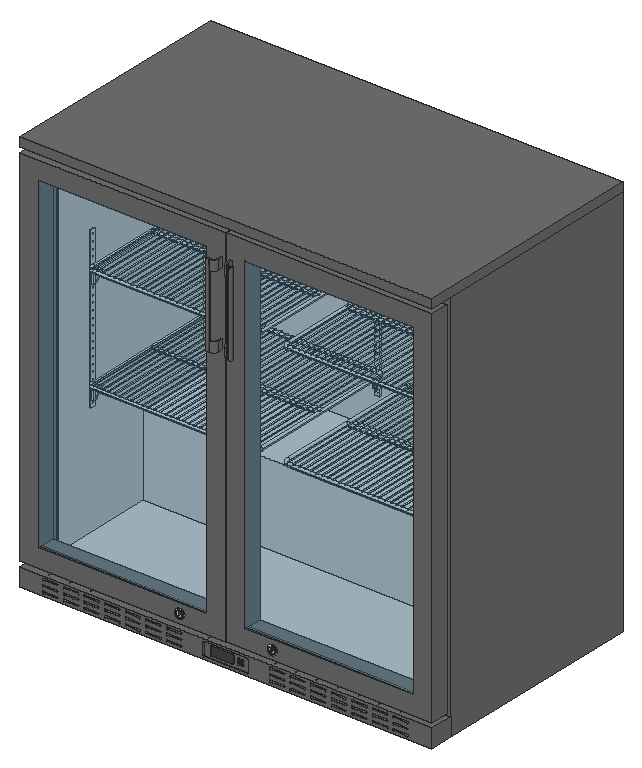
Revit family "QF_KOLDBOX_KBC2_240315011610", category Specialty Equipment, Revit 2021
Family settings
  Round Connector Dimension = Use Diameter
  Part Type = Normal
  OmniClass Number = 23.40.40.14
  OmniClass Title = Food Service Equipment
  Work Plane-Based = No
  Always vertical = Yes
  Cut with Voids When Loaded = No
  Shared = No
  Room Calculation Point = No
Parameters (values of type "KBC2")
  Weight [instance] = 72.9998 kg
  Warranty Start Date [instance] = ""
  Warranty Duration [instance] = ""
  Volts [instance] = 230 V
  Volt Free Conn [instance] = no
  URL Recommended Spares List [instance] = ""
  URL Manufacturer [instance] = ""
  URL Cutsheet [instance] = ""
  URL Critical Spares List [instance] = ""
  URL = "www.koldbox.com"
  Treated Water Size = 0 mm
  Treated Water Recommended Temperature = 0 °C
  Treated Water RI Height [instance] = 0 mm
  Treated Water Minimum Pressure = 0.0 Pa
  Treated Water Maximum Pressure = 0.0 Pa
  Treated Water Flow = 0.0 L/s
  Treated Water Consumption = ""
  Treated Water Connection Height [instance] = 0 mm
  Technical Documentation [instance] = ""
  Tag Number [instance] = ""
  Status [instance] = ""
  Start Up Current [instance] = 0 A
  Specification by User [instance] = ""
  Specification by Manufacturer [instance] = ""
  Sound Level [instance] = ""
  Show Logo [instance] = yes
  Show Clearances [instance] = yes
  Service Life Duration [instance] = ""
  Serial Number [instance] = ""
  Sensitive Heat Output = 0 W
  Seismic Rating [instance] = ""
  SMACNA No [instance] = ""
  Revision Code [instance] = ""
  Revision [instance] = ""
  Refrigeration Suction Line Size = 0 mm
  Refrigeration Liquid Line Size = 0 mm
  Production Year [instance] = ""
  Potential Equalisation [instance] = no
  Point Load [instance] = 0
  Plumbing Remarks [instance] = ""
  Phase [instance] = 1
  Other Equipment Approvals [instance] = ""
  Operational Current [instance] = 0 A
  Odor Trap Included = no
  Number of Poles [instance] = 2
  No Load Power Draw [instance] = no
  National Water Regulation Certification = no
  NAFEM Spec ID Number [instance] = ""
  Model Warning [instance] = ""
  Model = "KBC2"
  Min Ckt Ampacity [instance] = 0 A
  Mechanical Remarks [instance] = ""
  Mechanical Connection Type [instance] = ""
  Max Overcurrent Protection [instance] = 10 A
  Masterspec [instance] = ""
  Manufacturer = "KOLDBOX"
  Main switch integrated [instance] = no
  Length Actual [instance] = 899.922 mm
  Latent Heat Output = 0 W
  Item Number [instance] = ""
  Installed By [instance] = ""
  Installation Date [instance] = ""
  Identify Quantity as Lot [instance] = no
  ID [instance] = ""
  Hygiene Approval [instance] = ""
  Hot Water Consumption = 0.0 L/s
  Height Actual [instance] = 899.998 mm
  HP power [instance] = ""
  Gas power kW = 0
  Furnished By [instance] = ""
  Foodservice Equipment Identifier [instance] = no
  Filtered Water Supply Size = 0 mm
  Filtered Water RI Height [instance] = 0 mm
  Filtered Water Quality = ""
  Filtered Water Minimum Pressure = 0.0 Pa
  Filtered Water Maximum Pressure = 0.0 Pa
  Filtered Water Flow = 0.0 L/s
  Filtered Water Connection Height [instance] = 0 mm
  FL Amps [instance] = 4.3 A
  Energy Efficiency Labelling = ""
  Electrical Remarks [instance] = ""
  Electric power [instance] = 990 W
  Electric Connection Type [instance] = ""
  Elec Conn RI Height [instance] = 0 mm
  Elec Conn Connection Height [instance] = 0 mm
  ETL Approved [instance] = no
  Direct Heat Output = 0 W
  Description = "KOLDBOX DOUBLE DOOR BACK BAR COOLER"
  Depth Actual [instance] = 519.989 mm
  Default Elevation = 0 mm
  Cycle [instance] = 50 Hz
  Cost = 670
  Connection to energy optimisation system [instance] = yes
  Conn Plug [instance] = ""
  Conn Conduit [instance] = no
  Cold Water Consumption = 0.0 L/s
  Centralized building control system with digital interface [instance] = ""
  CSI MasterFormat [instance] = ""
  CE Approved [instance] = no
  Barcode [instance] = 0
  Author [instance] = ""
  Asset Identifier [instance] = ""
  Apparent Power [instance] = 990 VA
  Accessory [instance] = no
Reference planes
  plane 1 "Center (Front/Back)": y = 0
  plane 2: z = 0
  plane 3 "Center (Left/Right)": x = 0
Forms (mm)
  Extrusion 1, solid, not visible
    sketch origin (100.005, -2, 100.005) x (1, 0, 0) y (0, 1, 0)
      loop
        line (-2, 2) -> (-2, -2) -> (2, -2) -> (2, 2) -> (-2, 2)
    from -2 to 2
Dimensions and locks
  locked: Extrusion 1 to nested 2
  locked: nested 2 to Extrusion 1 at 2
  aligned and locked: level to plane 2
Nested families
  nested 1: "QF_KOLDBOX_KBC2_2861" at (0, 0, 0), type "KBC2"
    with Weight 2348.70 kg, Warranty Start Date "", Warranty Duration "", URL Cutsheet "", Technical Documentation "", Tag Number "", Status "", Specification by User "", Specification by Manufacturer "", Sound Level "", Solid Fuel Type "", Show Logo yes, Show Clearances yes, Service Life Duration "", Serial Number "", Seismic Rating "", SMACNA No "", Revision Code "", Revision "", Production Year "", Point Load 0, Other Equipment Approvals "", NAFEM Spec ID Number "", Model Warning "", Masterspec "", Length Actual 899.922 mm, Item Number "", Installed By "", Installation Date "", Identify Quantity as Lot yes, ID "", Hygiene Approval "", Height Actual 899.998 mm, Furnished By "", Foodservice Equipment Identifier yes, ETL Approved yes, Depth Actual 519.989 mm, CSI MasterFormat "", CE Approved yes, Barcode "", Author "", Asset Identifier "", Accessory no
  nested 2: "CONN_POINT_ELE_2D___Generic_Annotation" at (100.005, 0, 100.005), type "CONN_POINT_ELE_2D___Generic_Annotation"
    with Onboard connection annotation symbol visibility yes
Connectors
  electrical at (100.005, 0, 100.005), driven by "Apparent Power", driven by "Number of Poles", driven by "Volts"
    settings: on Extrusion 1, index 1, voltage 230 V, apparent load 0 VA, apparent load phase1 990 VA, apparent load phase2 0 VA, apparent load phase3 0 VA, power factor 1, load classification "Other", number of poles 2, system type 31, power factor state 1, is connector primary yes, connector utility no, sub classification motor no, connector description "Electrical connection for KBC2"
Definition of nested family "QF_KOLDBOX_KBC2_2861"
  Parameters (values of type "KBC2")
    Weight [instance] = 0.00 kg
    Warranty Start Date [instance] = ""
    Warranty Duration [instance] = ""
    URL Cutsheet [instance] = ""
    URL = "www.koldbox.com"
    Technical Documentation [instance] = ""
    Tag Number [instance] = ""
    Status [instance] = ""
    Specification by User [instance] = ""
    Specification by Manufacturer [instance] = ""
    Sound Level [instance] = ""
    Solid Fuel Type [instance] = ""
    Show Logo [instance] = yes
    Show Clearances [instance] = yes
    Service Life Duration [instance] = ""
    Serial Number [instance] = ""
    Seismic Rating [instance] = ""
    SMACNA No [instance] = ""
    Revision Code [instance] = ""
    Revision [instance] = ""
    Production Year [instance] = ""
    Point Load [instance] = 0
    Other Equipment Approvals [instance] = ""
    NAFEM Spec ID Number [instance] = ""
    Model Warning [instance] = ""
    Model = "KBC2"
    Masterspec [instance] = ""
    Manufacturer = "KOLDBOX"
    Length Actual [instance] = 0 mm
    Item Number [instance] = ""
    Installed By [instance] = ""
    Installation Date [instance] = ""
    Identify Quantity as Lot [instance] = yes
    ID [instance] = ""
    Hygiene Approval [instance] = ""
    Height Actual [instance] = 0 mm
    Furnished By [instance] = ""
    Foodservice Equipment Identifier [instance] = yes
    ETL Approved [instance] = yes
    Description = "KOLDBOX DOUBLE DOOR BACK BAR COOLER"
    Depth Actual [instance] = 0 mm
    Default Elevation = 0 mm
    CSI MasterFormat [instance] = ""
    CE Approved [instance] = yes
    Barcode [instance] = ""
    Author [instance] = ""
    Asset Identifier [instance] = ""
    Assembly Code = "E1090320"
    Accessory [instance] = yes
  Reference planes
    plane 1 "Back": y = 0
    plane 2: z = 0
    plane 3 "Left": x = 0
    plane 4 "Right": x = 900
    plane 5 "Front": y = -520
    plane 6 "Top": z = 900
  Forms (mm)
    Extrusion 1, solid
      sketch origin (0, 60, 10) x (1, 0, 0) y (0, 0, 1)
        loop
          line (0, 870) -> (0, 10) -> (900, 10) -> (900, 870) -> (0, 870)
        loop
          line (40, 840) -> (40, 67.5) -> (860, 67.5) -> (860, 840) -> (40, 840)
      from 60 to 530
    Extrusion 2, solid
      sketch origin (0, 0, 70) x (0, 1, 0) y (0, 0, 1)
        loop
          line (0, 830) -> (-520, 830) -> (-520, 810) -> (0, 810) -> (0, 830)
      from 0 to 900
    Revolve 3, solid
      sketch origin (0, -50, 0) x (1, 0, 0) y (0, 0, -1)
        loop
          line (50, -20) -> (50, -15) -> (60, -15) -> (60, 0) -> (40, 0) -> (40, -20) -> (50, -20)
        axis (40, 0) -> (40, -20)
      angle from 0 to 360
    Revolve 4, solid
      sketch origin (349, 120, -715) x (0, 1, 0) y (0, 0, 1)
        loop
          line (-640, 812.281) -> (-640, 815) -> (-641, 815) -> (-642.268, 812.281) -> (-640, 812.281)
        axis (-640, 805) -> (-642.268, 805)
      angle from 0 to 360
    Extrusion 5, solid
      sketch origin (349, -520, -715) x (1, 0, 0) y (0, 0, 1)
        loop
          circle (0, 805) r 7.281
      from 0 to 2.268
    Extrusion 6, solid
      sketch origin (-20.781, -520.768, -715) x (1, 0, 0) y (0, 0, 1)
        loop
          line (368.781, 810.281) -> (368.781, 803.281) -> (370.781, 803.281) -> (370.781, 810.281) -> (368.781, 810.281)
      from 0.232 to 2
    Revolve 7, solid
      sketch origin (895, -50, 0) x (-1, 0, 0) y (0, 0, 1)
        loop
          line (50, 20) -> (40, 20) -> (40, 0) -> (60, 0) -> (60, 15) -> (50, 15) -> (50, 20)
        axis (40, 0) -> (40, 20)
      angle from 0 to 360
    Extrusion 8, solid
      sketch origin (410, -500, 0) x (1, 0, 0) y (0, 0, 1)
        loop
          line (41, 870) -> (41, 70) -> (490, 70) -> (490, 870) -> (41, 870)
        loop
          line (81, 830) -> (81, 110) -> (450, 110) -> (450, 830) -> (81, 830)
      from -20 to 20
    Extrusion 9, solid
      sketch origin (410, -512, 0) x (1, 0, 0) y (0, 0, 1)
        loop
          line (81, 830) -> (81, 110) -> (450, 110) -> (450, 830) -> (81, 830)
      from 0 to 5
    Revolve 10, solid
      sketch origin (0, -470, 0) x (1, 0, 0) y (0, 0, 1)
        loop
          line (50, 20) -> (40, 20) -> (40, 0) -> (60, 0) -> (60, 15) -> (50, 15) -> (50, 20)
        axis (40, 0) -> (40, 20)
      angle from 0 to 360
    Revolve 11, solid
      sketch origin (895, -470, 0) x (-1, 0, 0) y (0, 0, -1)
        loop
          line (50, -20) -> (50, -15) -> (60, -15) -> (60, 0) -> (40, 0) -> (40, -20) -> (50, -20)
        axis (40, 0) -> (40, -20)
      angle from 0 to 360
    Extrusion 12, solid
      sketch origin (0, 0, 0) x (1, 0, 0) y (0, 0, 1)
        loop
          line (40, 860) -> (40, 60) -> (860, 60) -> (860, 860) -> (40, 860)
      from 0 to 40
    Extrusion 13, solid
      sketch origin (418.5, 0, 800) x (1, 0, 0) y (0, 1, 0)
        loop
          line (40, -520) -> (40, -530)
          arc (40, -530) -> (43.107, -537.5) -> (50.607, -540.607) r 10.607
          line (50.607, -540.607) -> (52.579, -540.607) -> (52.579, -537.607) -> (50.607, -537.607)
          arc (50.607, -537.607) -> (45.228, -535.379) -> (43, -530) r 7.607
          line (43, -530) -> (43, -520) -> (40, -520)
      from 0 to 20
    Extrusion 14, solid
      sketch origin (418.5, 0, 640) x (1, 0, 0) y (0, 1, 0)
        loop
          line (40, -520) -> (40, -530)
          arc (40, -530) -> (43.107, -537.5) -> (50.607, -540.607) r 10.607
          line (50.607, -540.607) -> (52.579, -540.607) -> (52.579, -537.607) -> (50.607, -537.607)
          arc (50.607, -537.607) -> (45.228, -535.379) -> (43, -530) r 7.607
          line (43, -530) -> (43, -520) -> (40, -520)
      from 0 to 20
    Extrusion 15, solid
      sketch origin (418.5, 0, 80) x (1, 0, 0) y (0, 1, 0)
        loop
          line (52.579, -537.607) -> (52.579, -540.607) -> (54.579, -540.607)
          arc (54.579, -540.607) -> (60.177, -539.107) -> (54.579, -537.607) r 3
          line (54.579, -537.607) -> (52.579, -537.607)
      from 560 to 740
    Extrusion 16, solid
      sketch origin (40, -480, 0) x (1, 0, 0) y (0, 0, 1)
        loop
          line (-25, 75) -> (845, 75) -> (845, 855) -> (-25, 855) -> (-25, 75)
        loop
          line (-15, 85) -> (835, 85) -> (835, 845) -> (-15, 845) -> (-15, 85)
      from -10 to 0
    Extrusion 17, solid
      sketch origin (40, 0, 0) x (0, 1, 0) y (0, 0, 1)
        loop
          line (-470, 850) -> (-470, 845) -> (-45, 845) -> (-45, 260) -> (-240, 260) -> (-240, 82.5) -> (-470, 82.5) -> (-470, 77.5) -> (-40, 77.5) -> (-40, 850) -> (-470, 850)
      from 0 to 820
    Extrusion 18, solid
      sketch origin (855, 0, 0) x (0, 1, 0) y (0, 0, 1)
        loop
          line (-470, 850) -> (-470, 82.5) -> (-240, 82.5) -> (-240, 260) -> (-45, 260) -> (-45, 850) -> (-470, 850)
      from 0 to 5
    Extrusion 19, solid
      sketch origin (40, 0, 0) x (0, 1, 0) y (0, 0, 1)
        loop
          line (-470, 850) -> (-470, 82.5) -> (-240, 82.5) -> (-240, 260) -> (-45, 260) -> (-45, 850) -> (-470, 850)
      from 0 to 5
    Extrusion 20, solid
      sketch origin (490, -512, 0) x (-1, 0, 0) y (0, 0, -1)
        loop
          line (81, -830) -> (450, -830) -> (450, -110) -> (81, -110) -> (81, -830)
      from 0 to 5
    Extrusion 21, solid
      sketch origin (481.5, 0, 800) x (-1, 0, 0) y (0, -1, 0)
        loop
          line (40, 520) -> (43, 520) -> (43, 530)
          arc (43, 530) -> (45.228, 535.379) -> (50.607, 537.607) r 7.607
          line (50.607, 537.607) -> (52.579, 537.607) -> (52.579, 540.607) -> (50.607, 540.607)
          arc (50.607, 540.607) -> (43.107, 537.5) -> (40, 530) r 10.607
          line (40, 530) -> (40, 520)
      from 0 to 20
    Extrusion 22, solid
      sketch origin (481.5, 0, 640) x (-1, 0, 0) y (0, -1, 0)
        loop
          line (40, 520) -> (43, 520) -> (43, 530)
          arc (43, 530) -> (45.228, 535.379) -> (50.607, 537.607) r 7.607
          line (50.607, 537.607) -> (52.579, 537.607) -> (52.579, 540.607) -> (50.607, 540.607)
          arc (50.607, 540.607) -> (43.107, 537.5) -> (40, 530) r 10.607
          line (40, 530) -> (40, 520)
      from 0 to 20
    Extrusion 23, solid
      sketch origin (481.5, 0, 80) x (-1, 0, 0) y (0, -1, 0)
        loop
          line (52.579, 537.607) -> (54.579, 537.607)
          arc (54.579, 537.607) -> (60.177, 539.107) -> (54.579, 540.607) r 3
          line (54.579, 540.607) -> (52.579, 540.607) -> (52.579, 537.607)
      from 560 to 740
    Extrusion 24, solid, visible <- "Show Clearances", detail levels coarse
      sketch origin (1515, 0, 0) x (-1, 0, 0) y (0, -1, 0)
        loop
          line (615, 520) -> (1064, 520)
          arc (1064, 520) -> (932.491, 837.491) -> (615, 969) r 449
          line (615, 969) -> (615, 520)
      from 70 to 870
    Extrusion 25, solid
      sketch origin (0, -480, 0) x (1, 0, 0) y (0, 0, 1)
        loop
          line (0, 60) -> (0, 20) -> (900, 20) -> (900, 60) -> (0, 60)
        loop
          arc (52.5, 55) -> (50, 52.5) -> (52.5, 50) r 2.5
          line (52.5, 50) -> (82.5, 50)
          arc (82.5, 50) -> (85, 52.5) -> (82.5, 55) r 2.5
          line (82.5, 55) -> (52.5, 55)
        loop
          line (52.5, 25) -> (82.5, 25)
          arc (82.5, 25) -> (85, 27.5) -> (82.5, 30) r 2.5
          line (82.5, 30) -> (52.5, 30)
          arc (52.5, 30) -> (50, 27.5) -> (52.5, 25) r 2.5
        loop
          line (52.5, 37.5) -> (82.5, 37.5)
          arc (82.5, 37.5) -> (85, 40) -> (82.5, 42.5) r 2.5
          line (82.5, 42.5) -> (52.5, 42.5)
          arc (52.5, 42.5) -> (50, 40) -> (52.5, 37.5) r 2.5
        loop
          arc (400, 28) -> (400.879, 25.879) -> (403, 25) r 3
          line (403, 25) -> (497, 25)
          arc (497, 25) -> (499.121, 25.879) -> (500, 28) r 3
          line (500, 28) -> (500, 52)
          arc (500, 52) -> (499.121, 54.121) -> (497, 55) r 3
          line (497, 55) -> (403, 55)
          arc (403, 55) -> (400.879, 54.121) -> (400, 52) r 3
          line (400, 52) -> (400, 28)
        loop
          arc (97.5, 55) -> (95, 52.5) -> (97.5, 50) r 2.5
          line (97.5, 50) -> (127.5, 50)
          arc (127.5, 50) -> (130, 52.5) -> (127.5, 55) r 2.5
          line (127.5, 55) -> (97.5, 55)
        loop
          line (97.5, 25) -> (127.5, 25)
          arc (127.5, 25) -> (130, 27.5) -> (127.5, 30) r 2.5
          line (127.5, 30) -> (97.5, 30)
          arc (97.5, 30) -> (95, 27.5) -> (97.5, 25) r 2.5
        loop
          line (97.5, 37.5) -> (127.5, 37.5)
          arc (127.5, 37.5) -> (130, 40) -> (127.5, 42.5) r 2.5
          line (127.5, 42.5) -> (97.5, 42.5)
          arc (97.5, 42.5) -> (95, 40) -> (97.5, 37.5) r 2.5
        loop
          arc (142.5, 55) -> (140, 52.5) -> (142.5, 50) r 2.5
          line (142.5, 50) -> (172.5, 50)
          arc (172.5, 50) -> (175, 52.5) -> (172.5, 55) r 2.5
          line (172.5, 55) -> (142.5, 55)
        loop
          line (142.5, 25) -> (172.5, 25)
          arc (172.5, 25) -> (175, 27.5) -> (172.5, 30) r 2.5
          line (172.5, 30) -> (142.5, 30)
          arc (142.5, 30) -> (140, 27.5) -> (142.5, 25) r 2.5
        loop
          line (142.5, 37.5) -> (172.5, 37.5)
          arc (172.5, 37.5) -> (175, 40) -> (172.5, 42.5) r 2.5
          line (172.5, 42.5) -> (142.5, 42.5)
          arc (142.5, 42.5) -> (140, 40) -> (142.5, 37.5) r 2.5
        loop
          arc (187.5, 55) -> (185, 52.5) -> (187.5, 50) r 2.5
          line (187.5, 50) -> (217.5, 50)
          arc (217.5, 50) -> (220, 52.5) -> (217.5, 55) r 2.5
          line (217.5, 55) -> (187.5, 55)
        loop
          line (187.5, 25) -> (217.5, 25)
          arc (217.5, 25) -> (220, 27.5) -> (217.5, 30) r 2.5
          line (217.5, 30) -> (187.5, 30)
          arc (187.5, 30) -> (185, 27.5) -> (187.5, 25) r 2.5
        loop
          line (187.5, 37.5) -> (217.5, 37.5)
          arc (217.5, 37.5) -> (220, 40) -> (217.5, 42.5) r 2.5
          line (217.5, 42.5) -> (187.5, 42.5)
          arc (187.5, 42.5) -> (185, 40) -> (187.5, 37.5) r 2.5
        loop
          line (847.5, 55) -> (817.5, 55)
          arc (817.5, 55) -> (815, 52.5) -> (817.5, 50) r 2.5
          line (817.5, 50) -> (847.5, 50)
          arc (847.5, 50) -> (850, 52.5) -> (847.5, 55) r 2.5
        loop
          arc (847.5, 25) -> (850, 27.5) -> (847.5, 30) r 2.5
          line (847.5, 30) -> (817.5, 30)
          arc (817.5, 30) -> (815, 27.5) -> (817.5, 25) r 2.5
          line (817.5, 25) -> (847.5, 25)
        loop
          arc (847.5, 37.5) -> (850, 40) -> (847.5, 42.5) r 2.5
          line (847.5, 42.5) -> (817.5, 42.5)
          arc (817.5, 42.5) -> (815, 40) -> (817.5, 37.5) r 2.5
          line (817.5, 37.5) -> (847.5, 37.5)
        loop
          line (802.5, 55) -> (772.5, 55)
          arc (772.5, 55) -> (770, 52.5) -> (772.5, 50) r 2.5
          line (772.5, 50) -> (802.5, 50)
          arc (802.5, 50) -> (805, 52.5) -> (802.5, 55) r 2.5
        loop
          arc (802.5, 25) -> (805, 27.5) -> (802.5, 30) r 2.5
          line (802.5, 30) -> (772.5, 30)
          arc (772.5, 30) -> (770, 27.5) -> (772.5, 25) r 2.5
          line (772.5, 25) -> (802.5, 25)
        loop
          arc (802.5, 37.5) -> (805, 40) -> (802.5, 42.5) r 2.5
          line (802.5, 42.5) -> (772.5, 42.5)
          arc (772.5, 42.5) -> (770, 40) -> (772.5, 37.5) r 2.5
          line (772.5, 37.5) -> (802.5, 37.5)
        loop
          line (757.5, 55) -> (727.5, 55)
          arc (727.5, 55) -> (725, 52.5) -> (727.5, 50) r 2.5
          line (727.5, 50) -> (757.5, 50)
          arc (757.5, 50) -> (760, 52.5) -> (757.5, 55) r 2.5
        loop
          arc (757.5, 25) -> (760, 27.5) -> (757.5, 30) r 2.5
          line (757.5, 30) -> (727.5, 30)
          arc (727.5, 30) -> (725, 27.5) -> (727.5, 25) r 2.5
          line (727.5, 25) -> (757.5, 25)
        loop
          arc (757.5, 37.5) -> (760, 40) -> (757.5, 42.5) r 2.5
          line (757.5, 42.5) -> (727.5, 42.5)
          arc (727.5, 42.5) -> (725, 40) -> (727.5, 37.5) r 2.5
          line (727.5, 37.5) -> (757.5, 37.5)
        loop
          line (712.5, 55) -> (682.5, 55)
          arc (682.5, 55) -> (680, 52.5) -> (682.5, 50) r 2.5
          line (682.5, 50) -> (712.5, 50)
          arc (712.5, 50) -> (715, 52.5) -> (712.5, 55) r 2.5
        loop
          arc (712.5, 25) -> (715, 27.5) -> (712.5, 30) r 2.5
          line (712.5, 30) -> (682.5, 30)
          arc (682.5, 30) -> (680, 27.5) -> (682.5, 25) r 2.5
          line (682.5, 25) -> (712.5, 25)
        loop
          arc (712.5, 37.5) -> (715, 40) -> (712.5, 42.5) r 2.5
          line (712.5, 42.5) -> (682.5, 42.5)
          arc (682.5, 42.5) -> (680, 40) -> (682.5, 37.5) r 2.5
          line (682.5, 37.5) -> (712.5, 37.5)
        loop
          arc (232.5, 55) -> (230, 52.5) -> (232.5, 50) r 2.5
          line (232.5, 50) -> (262.5, 50)
          arc (262.5, 50) -> (265, 52.5) -> (262.5, 55) r 2.5
          line (262.5, 55) -> (232.5, 55)
        loop
          line (232.5, 25) -> (262.5, 25)
          arc (262.5, 25) -> (265, 27.5) -> (262.5, 30) r 2.5
          line (262.5, 30) -> (232.5, 30)
          arc (232.5, 30) -> (230, 27.5) -> (232.5, 25) r 2.5
        loop
          line (232.5, 37.5) -> (262.5, 37.5)
          arc (262.5, 37.5) -> (265, 40) -> (262.5, 42.5) r 2.5
          line (262.5, 42.5) -> (232.5, 42.5)
          arc (232.5, 42.5) -> (230, 40) -> (232.5, 37.5) r 2.5
        loop
          arc (277.5, 55) -> (275, 52.5) -> (277.5, 50) r 2.5
          line (277.5, 50) -> (307.5, 50)
          arc (307.5, 50) -> (310, 52.5) -> (307.5, 55) r 2.5
          line (307.5, 55) -> (277.5, 55)
        loop
          line (277.5, 25) -> (307.5, 25)
          arc (307.5, 25) -> (310, 27.5) -> (307.5, 30) r 2.5
          line (307.5, 30) -> (277.5, 30)
          arc (277.5, 30) -> (275, 27.5) -> (277.5, 25) r 2.5
        loop
          line (277.5, 37.5) -> (307.5, 37.5)
          arc (307.5, 37.5) -> (310, 40) -> (307.5, 42.5) r 2.5
          line (307.5, 42.5) -> (277.5, 42.5)
          arc (277.5, 42.5) -> (275, 40) -> (277.5, 37.5) r 2.5
        loop
          line (667.5, 55) -> (637.5, 55)
          arc (637.5, 55) -> (635, 52.5) -> (637.5, 50) r 2.5
          line (637.5, 50) -> (667.5, 50)
          arc (667.5, 50) -> (670, 52.5) -> (667.5, 55) r 2.5
        loop
          arc (667.5, 25) -> (670, 27.5) -> (667.5, 30) r 2.5
          line (667.5, 30) -> (637.5, 30)
          arc (637.5, 30) -> (635, 27.5) -> (637.5, 25) r 2.5
          line (637.5, 25) -> (667.5, 25)
        loop
          arc (667.5, 37.5) -> (670, 40) -> (667.5, 42.5) r 2.5
          line (667.5, 42.5) -> (637.5, 42.5)
          arc (637.5, 42.5) -> (635, 40) -> (637.5, 37.5) r 2.5
          line (637.5, 37.5) -> (667.5, 37.5)
        loop
          line (622.5, 55) -> (592.5, 55)
          arc (592.5, 55) -> (590, 52.5) -> (592.5, 50) r 2.5
          line (592.5, 50) -> (622.5, 50)
          arc (622.5, 50) -> (625, 52.5) -> (622.5, 55) r 2.5
        loop
          arc (622.5, 25) -> (625, 27.5) -> (622.5, 30) r 2.5
          line (622.5, 30) -> (592.5, 30)
          arc (592.5, 30) -> (590, 27.5) -> (592.5, 25) r 2.5
          line (592.5, 25) -> (622.5, 25)
        loop
          arc (622.5, 37.5) -> (625, 40) -> (622.5, 42.5) r 2.5
          line (622.5, 42.5) -> (592.5, 42.5)
          arc (592.5, 42.5) -> (590, 40) -> (592.5, 37.5) r 2.5
          line (592.5, 37.5) -> (622.5, 37.5)
        loop
          arc (322.5, 55) -> (320, 52.5) -> (322.5, 50) r 2.5
          line (322.5, 50) -> (352.5, 50)
          arc (352.5, 50) -> (355, 52.5) -> (352.5, 55) r 2.5
          line (352.5, 55) -> (322.5, 55)
        loop
          line (322.5, 25) -> (352.5, 25)
          arc (352.5, 25) -> (355, 27.5) -> (352.5, 30) r 2.5
          line (352.5, 30) -> (322.5, 30)
          arc (322.5, 30) -> (320, 27.5) -> (322.5, 25) r 2.5
        loop
          line (322.5, 37.5) -> (352.5, 37.5)
          arc (352.5, 37.5) -> (355, 40) -> (352.5, 42.5) r 2.5
          line (352.5, 42.5) -> (322.5, 42.5)
          arc (322.5, 42.5) -> (320, 40) -> (322.5, 37.5) r 2.5
        loop
          line (577.5, 55) -> (547.5, 55)
          arc (547.5, 55) -> (545, 52.5) -> (547.5, 50) r 2.5
          line (547.5, 50) -> (577.5, 50)
          arc (577.5, 50) -> (580, 52.5) -> (577.5, 55) r 2.5
        loop
          arc (577.5, 25) -> (580, 27.5) -> (577.5, 30) r 2.5
          line (577.5, 30) -> (547.5, 30)
          arc (547.5, 30) -> (545, 27.5) -> (547.5, 25) r 2.5
          line (547.5, 25) -> (577.5, 25)
        loop
          arc (577.5, 37.5) -> (580, 40) -> (577.5, 42.5) r 2.5
          line (577.5, 42.5) -> (547.5, 42.5)
          arc (547.5, 42.5) -> (545, 40) -> (547.5, 37.5) r 2.5
          line (547.5, 37.5) -> (577.5, 37.5)
      from -10 to 40
    Extrusion 26, solid
      sketch origin (150, -471, 0) x (1, 0, 0) y (0, 0, 1)
        loop
          arc (250, 28) -> (250.879, 25.879) -> (253, 25) r 3
          line (253, 25) -> (347, 25)
          arc (347, 25) -> (349.121, 25.879) -> (350, 28) r 3
          line (350, 28) -> (350, 52)
          arc (350, 52) -> (349.121, 54.121) -> (347, 55) r 3
          line (347, 55) -> (253, 55)
          arc (253, 55) -> (250.879, 54.121) -> (250, 52) r 3
          line (250, 52) -> (250, 28)
      from -1 to 45
    Extrusion 27, solid
      sketch origin (170, -516, 0) x (1, 0, 0) y (0, 0, 1)
        loop
          arc (230, 28) -> (230.879, 25.879) -> (233, 25) r 3
          line (233, 25) -> (327, 25)
          arc (327, 25) -> (329.121, 25.879) -> (330, 28) r 3
          line (330, 28) -> (330, 52)
          arc (330, 52) -> (329.121, 54.121) -> (327, 55) r 3
          line (327, 55) -> (233, 55)
          arc (233, 55) -> (230.879, 54.121) -> (230, 52) r 3
          line (230, 52) -> (230, 28)
        loop
          circle (313.728, 36.25) r 2.5
        loop
          circle (306.228, 43.75) r 2.5
        loop
          line (295, 33) -> (295, 47)
          arc (295, 47) -> (294.121, 49.121) -> (292, 50) r 3
          line (292, 50) -> (248, 50)
          arc (248, 50) -> (245.879, 49.121) -> (245, 47) r 3
          line (245, 47) -> (245, 33)
          arc (245, 33) -> (245.879, 30.879) -> (248, 30) r 3
          line (248, 30) -> (292, 30)
          arc (292, 30) -> (294.121, 30.879) -> (295, 33) r 3
        loop
          circle (313.728, 43.75) r 2.5
        loop
          circle (306.228, 36.25) r 2.5
      from 0 to 2
    Extrusion 28, solid
      sketch origin (177.5, -516, 0) x (1, 0, 0) y (0, 0, 1)
        loop
          circle (306.228, 43.75) r 2.5
      from 0 to 2
    Extrusion 29, solid
      sketch origin (170, -516, -7.5) x (1, 0, 0) y (0, 0, 1)
        loop
          circle (306.228, 43.75) r 2.5
      from 0 to 2
    Extrusion 30, solid
      sketch origin (131.065, -516, 0) x (1, 0, 0) y (0, 0, 1)
        loop
          arc (286.935, 50) -> (284.813, 49.121) -> (283.935, 47) r 3
          line (283.935, 47) -> (283.935, 33)
          arc (283.935, 33) -> (284.813, 30.879) -> (286.935, 30) r 3
          line (286.935, 30) -> (330.935, 30)
          arc (330.935, 30) -> (333.056, 30.879) -> (333.935, 33) r 3
          line (333.935, 33) -> (333.935, 47)
          arc (333.935, 47) -> (333.056, 49.121) -> (330.935, 50) r 3
          line (330.935, 50) -> (286.935, 50)
      from 0 to 2
    Extrusion 31, solid
      sketch origin (170, -516, 0) x (1, 0, 0) y (0, 0, 1)
        loop
          circle (306.228, 43.75) r 2.5
      from 0 to 2
    Extrusion 32, solid
      sketch origin (177.5, -516, -7.5) x (1, 0, 0) y (0, 0, 1)
        loop
          circle (306.228, 43.75) r 2.5
      from 0 to 2
    Extrusion 33, solid
      sketch origin (-41, -500, 0) x (1, 0, 0) y (0, 0, 1)
        loop
          line (41, 870) -> (41, 70) -> (490, 70) -> (490, 870) -> (41, 870)
        loop
          line (81, 830) -> (81, 110) -> (450, 110) -> (450, 830) -> (81, 830)
      from -20 to 20
    Extrusion 34, solid, visible <- "Show Clearances", detail levels coarse
      sketch origin (-615, 0, 0) x (1, 0, 0) y (0, 1, 0)
        loop
          line (615, -520) -> (615, -969)
          arc (615, -969) -> (932.491, -837.491) -> (1064, -520) r 449
          line (1064, -520) -> (615, -520)
      from 70 to 870
    Revolve 35, solid
      sketch origin (551, 120, -715) x (0, 1, 0) y (0, 0, -1)
        loop
          line (-640, -812.281) -> (-642.268, -812.281) -> (-641, -815) -> (-640, -815) -> (-640, -812.281)
        axis (-640, -805) -> (-642.268, -805)
      angle from 0 to 360
    Extrusion 36, solid
      sketch origin (551, -520, -715) x (-1, 0, 0) y (0, 0, -1)
        loop
          circle (0, -805) r 7.281
      from 0 to 2.268
    Extrusion 37, solid
      sketch origin (920.781, -520.768, -715) x (-1, 0, 0) y (0, 0, -1)
        loop
          line (368.781, -810.281) -> (370.781, -810.281) -> (370.781, -803.281) -> (368.781, -803.281) -> (368.781, -810.281)
      from 0.232 to 2
    Sweep 38, solid
      path origin (49.141, -109.803, 607.382) x (1, 0, 0) y (0, 1, 0)
        loop
          arc (17.859, 55.803) -> (9.373, 52.288) -> (5.859, 43.803) r 12
          line (5.859, 43.803) -> (5.859, -278.83)
          arc (5.859, -278.83) -> (9.373, -287.316) -> (17.859, -290.83) r 12
          line (17.859, -290.83) -> (358.859, -290.83)
          arc (358.859, -290.83) -> (367.344, -287.316) -> (370.859, -278.83) r 12
          line (370.859, -278.83) -> (370.859, 43.803)
          arc (370.859, 43.803) -> (367.344, 52.288) -> (358.859, 55.803) r 12
          line (358.859, 55.803) -> (17.859, 55.803)
      profile origin (237.5, -54, 607.382) x (0, 1, 0) y (0, 0, 1)
        loop
          circle (0, 0) r 3.5
    Extrusion 39, solid
      sketch origin (47, -109.803, 607.382) x (1, 0, 0) y (0, 0, 1)
        loop
          circle (13.5, 4.5) r 1
        loop
          circle (26, 4.5) r 1
        loop
          circle (38.5, 4.5) r 1
        loop
          circle (51, 4.5) r 1
        loop
          circle (63.5, 4.5) r 1
        loop
          circle (76, 4.5) r 1
        loop
          circle (88.5, 4.5) r 1
        loop
          circle (101, 4.5) r 1
        loop
          circle (113.5, 4.5) r 1
        loop
          circle (126, 4.5) r 1
        loop
          circle (138.5, 4.5) r 1
        loop
          circle (151, 4.5) r 1
        loop
          circle (163.5, 4.5) r 1
        loop
          circle (176, 4.5) r 1
        loop
          circle (188.5, 4.5) r 1
        loop
          circle (201, 4.5) r 1
        loop
          circle (213.5, 4.5) r 1
        loop
          circle (226, 4.5) r 1
        loop
          circle (238.5, 4.5) r 1
        loop
          circle (251, 4.5) r 1
        loop
          circle (263.5, 4.5) r 1
        loop
          circle (276, 4.5) r 1
        loop
          circle (288.5, 4.5) r 1
        loop
          circle (301, 4.5) r 1
        loop
          circle (313.5, 4.5) r 1
        loop
          circle (326, 4.5) r 1
        loop
          circle (338.5, 4.5) r 1
        loop
          circle (351, 4.5) r 1
        loop
          circle (363.5, 4.5) r 1
      from -55.803 to 290.83
    Extrusion 40, solid
      sketch origin (55, -15.816, 607.382) x (0, 1, 0) y (0, 0, 1)
        loop
          circle (-211.5, 0) r 3.5
      from 0 to 365
    Extrusion 41, solid
      sketch origin (1663.773, -1334.75, -239.071) x (1, 0, 0) y (0, 0, 1)
        loop
          line (-1608.773, 812.071) -> (-1593.825, 844.071) -> (-1608.773, 844.071) -> (-1608.773, 812.071)
      from -1264.75 to -1262.75
    Sweep 42, solid
      path origin (49.141, -109.803, 379.382) x (1, 0, 0) y (0, 1, 0)
        loop
          arc (17.859, 55.803) -> (9.373, 52.288) -> (5.859, 43.803) r 12
          line (5.859, 43.803) -> (5.859, -278.83)
          arc (5.859, -278.83) -> (9.373, -287.316) -> (17.859, -290.83) r 12
          line (17.859, -290.83) -> (358.859, -290.83)
          arc (358.859, -290.83) -> (367.344, -287.316) -> (370.859, -278.83) r 12
          line (370.859, -278.83) -> (370.859, 43.803)
          arc (370.859, 43.803) -> (367.344, 52.288) -> (358.859, 55.803) r 12
          line (358.859, 55.803) -> (17.859, 55.803)
      profile origin (237.5, -54, 379.382) x (0, 1, 0) y (0, 0, 1)
        loop
          circle (0, 0) r 3.5
    Extrusion 43, solid
      sketch origin (55, -15.816, 379.382) x (0, 1, 0) y (0, 0, 1)
        loop
          circle (-211.5, 0) r 3.5
      from 0 to 365
    Extrusion 44, solid
      sketch origin (47, -109.803, 379.382) x (1, 0, 0) y (0, 0, 1)
        loop
          circle (13.5, 4.5) r 1
        loop
          circle (26, 4.5) r 1
        loop
          circle (38.5, 4.5) r 1
        loop
          circle (51, 4.5) r 1
        loop
          circle (63.5, 4.5) r 1
        loop
          circle (76, 4.5) r 1
        loop
          circle (88.5, 4.5) r 1
        loop
          circle (101, 4.5) r 1
        loop
          circle (113.5, 4.5) r 1
        loop
          circle (126, 4.5) r 1
        loop
          circle (138.5, 4.5) r 1
        loop
          circle (151, 4.5) r 1
        loop
          circle (163.5, 4.5) r 1
        loop
          circle (176, 4.5) r 1
        loop
          circle (188.5, 4.5) r 1
        loop
          circle (201, 4.5) r 1
        loop
          circle (213.5, 4.5) r 1
        loop
          circle (226, 4.5) r 1
        loop
          circle (238.5, 4.5) r 1
        loop
          circle (251, 4.5) r 1
        loop
          circle (263.5, 4.5) r 1
        loop
          circle (276, 4.5) r 1
        loop
          circle (288.5, 4.5) r 1
        loop
          circle (301, 4.5) r 1
        loop
          circle (313.5, 4.5) r 1
        loop
          circle (326, 4.5) r 1
        loop
          circle (338.5, 4.5) r 1
        loop
          circle (351, 4.5) r 1
        loop
          circle (363.5, 4.5) r 1
      from -55.803 to 290.83
    Extrusion 45, solid
      sketch origin (45, 4, -0.606) x (0, 1, 0) y (0, 0, 1)
        loop
          line (-70, 678) -> (-80, 678) -> (-80, 330) -> (-70, 330) -> (-70, 678)
        loop
          line (-77, 336.989) -> (-73, 336.989) -> (-73, 340.989) -> (-77, 340.989) -> (-77, 336.989)
        loop
          line (-77, 351.989) -> (-73, 351.989) -> (-73, 355.989) -> (-77, 355.989) -> (-77, 351.989)
        loop
          line (-77, 366.989) -> (-73, 366.989) -> (-73, 370.989) -> (-77, 370.989) -> (-77, 366.989)
        loop
          line (-77, 381.989) -> (-73, 381.989) -> (-73, 385.989) -> (-77, 385.989) -> (-77, 381.989)
        loop
          line (-77, 396.989) -> (-73, 396.989) -> (-73, 400.989) -> (-77, 400.989) -> (-77, 396.989)
        loop
          line (-77, 411.989) -> (-73, 411.989) -> (-73, 415.989) -> (-77, 415.989) -> (-77, 411.989)
        loop
          line (-77, 426.989) -> (-73, 426.989) -> (-73, 430.989) -> (-77, 430.989) -> (-77, 426.989)
        loop
          line (-77, 441.989) -> (-73, 441.989) -> (-73, 445.989) -> (-77, 445.989) -> (-77, 441.989)
        loop
          line (-77, 456.989) -> (-73, 456.989) -> (-73, 460.989) -> (-77, 460.989) -> (-77, 456.989)
        loop
          line (-77, 471.989) -> (-73, 471.989) -> (-73, 475.989) -> (-77, 475.989) -> (-77, 471.989)
        loop
          line (-77, 486.989) -> (-73, 486.989) -> (-73, 490.989) -> (-77, 490.989) -> (-77, 486.989)
        loop
          line (-77, 501.989) -> (-73, 501.989) -> (-73, 505.989) -> (-77, 505.989) -> (-77, 501.989)
        loop
          line (-77, 516.989) -> (-73, 516.989) -> (-73, 520.989) -> (-77, 520.989) -> (-77, 516.989)
        loop
          line (-77, 531.989) -> (-73, 531.989) -> (-73, 535.989) -> (-77, 535.989) -> (-77, 531.989)
        loop
          line (-77, 546.989) -> (-73, 546.989) -> (-73, 550.989) -> (-77, 550.989) -> (-77, 546.989)
        loop
          line (-77, 561.989) -> (-73, 561.989) -> (-73, 565.989) -> (-77, 565.989) -> (-77, 561.989)
        loop
          line (-77, 576.989) -> (-73, 576.989) -> (-73, 580.989) -> (-77, 580.989) -> (-77, 576.989)
        loop
          line (-77, 591.989) -> (-73, 591.989) -> (-73, 595.989) -> (-77, 595.989) -> (-77, 591.989)
        loop
          line (-77, 606.989) -> (-73, 606.989) -> (-73, 610.989) -> (-77, 610.989) -> (-77, 606.989)
        loop
          line (-77, 621.989) -> (-73, 621.989) -> (-73, 625.989) -> (-77, 625.989) -> (-77, 621.989)
        loop
          line (-77, 636.989) -> (-73, 636.989) -> (-73, 640.989) -> (-77, 640.989) -> (-77, 636.989)
        loop
          line (-77, 651.989) -> (-73, 651.989) -> (-73, 655.989) -> (-77, 655.989) -> (-77, 651.989)
        loop
          line (-77, 666.989) -> (-73, 666.989) -> (-73, 670.989) -> (-77, 670.989) -> (-77, 666.989)
      from 0 to 5
    Extrusion 46, solid
      sketch origin (45, -458.633, -0.606) x (0, -1, 0) y (0, 0, -1)
        loop
          line (-70, -678) -> (-70, -330) -> (-80, -330) -> (-80, -678) -> (-70, -678)
        loop
          line (-77, -336.989) -> (-77, -340.989) -> (-73, -340.989) -> (-73, -336.989) -> (-77, -336.989)
        loop
          line (-77, -351.989) -> (-77, -355.989) -> (-73, -355.989) -> (-73, -351.989) -> (-77, -351.989)
        loop
          line (-77, -366.989) -> (-77, -370.989) -> (-73, -370.989) -> (-73, -366.989) -> (-77, -366.989)
        loop
          line (-77, -381.989) -> (-77, -385.989) -> (-73, -385.989) -> (-73, -381.989) -> (-77, -381.989)
        loop
          line (-77, -396.989) -> (-77, -400.989) -> (-73, -400.989) -> (-73, -396.989) -> (-77, -396.989)
        loop
          line (-77, -411.989) -> (-77, -415.989) -> (-73, -415.989) -> (-73, -411.989) -> (-77, -411.989)
        loop
          line (-77, -426.989) -> (-77, -430.989) -> (-73, -430.989) -> (-73, -426.989) -> (-77, -426.989)
        loop
          line (-77, -441.989) -> (-77, -445.989) -> (-73, -445.989) -> (-73, -441.989) -> (-77, -441.989)
        loop
          line (-77, -456.989) -> (-77, -460.989) -> (-73, -460.989) -> (-73, -456.989) -> (-77, -456.989)
        loop
          line (-77, -471.989) -> (-77, -475.989) -> (-73, -475.989) -> (-73, -471.989) -> (-77, -471.989)
        loop
          line (-77, -486.989) -> (-77, -490.989) -> (-73, -490.989) -> (-73, -486.989) -> (-77, -486.989)
        loop
          line (-77, -501.989) -> (-77, -505.989) -> (-73, -505.989) -> (-73, -501.989) -> (-77, -501.989)
        loop
          line (-77, -516.989) -> (-77, -520.989) -> (-73, -520.989) -> (-73, -516.989) -> (-77, -516.989)
        loop
          line (-77, -531.989) -> (-77, -535.989) -> (-73, -535.989) -> (-73, -531.989) -> (-77, -531.989)
        loop
          line (-77, -546.989) -> (-77, -550.989) -> (-73, -550.989) -> (-73, -546.989) -> (-77, -546.989)
        loop
          line (-77, -561.989) -> (-77, -565.989) -> (-73, -565.989) -> (-73, -561.989) -> (-77, -561.989)
        loop
          line (-77, -576.989) -> (-77, -580.989) -> (-73, -580.989) -> (-73, -576.989) -> (-77, -576.989)
        loop
          line (-77, -591.989) -> (-77, -595.989) -> (-73, -595.989) -> (-73, -591.989) -> (-77, -591.989)
        loop
          line (-77, -606.989) -> (-77, -610.989) -> (-73, -610.989) -> (-73, -606.989) -> (-77, -606.989)
        loop
          line (-77, -621.989) -> (-77, -625.989) -> (-73, -625.989) -> (-73, -621.989) -> (-77, -621.989)
        loop
          line (-77, -636.989) -> (-77, -640.989) -> (-73, -640.989) -> (-73, -636.989) -> (-77, -636.989)
        loop
          line (-77, -651.989) -> (-77, -655.989) -> (-73, -655.989) -> (-73, -651.989) -> (-77, -651.989)
        loop
          line (-77, -666.989) -> (-77, -670.989) -> (-73, -670.989) -> (-73, -666.989) -> (-77, -666.989)
      from 0 to 5
    Extrusion 47, solid
      sketch origin (50, -458.633, -0.606) x (0, -1, 0) y (0, 0, -1)
        loop
          line (-382.633, -605.606) -> (-382.633, -573.606) -> (-392.633, -573.606) -> (-392.633, -605.606) -> (-382.633, -605.606)
      from 0 to 5
    Extrusion 48, solid
      sketch origin (1663.773, -1334.75, -467.071) x (1, 0, 0) y (0, 0, 1)
        loop
          line (-1608.773, 812.071) -> (-1593.825, 844.071) -> (-1608.773, 844.071) -> (-1608.773, 812.071)
      from -1264.75 to -1262.75
    Extrusion 49, solid
      sketch origin (50, -458.633, -228.606) x (0, -1, 0) y (0, 0, -1)
        loop
          line (-382.633, -605.606) -> (-382.633, -573.606) -> (-392.633, -573.606) -> (-392.633, -605.606) -> (-382.633, -605.606)
      from 0 to 5
    Extrusion 50, solid
      sketch origin (1663.773, 880.117, -239.071) x (1, 0, 0) y (0, 0, -1)
        loop
          line (-1608.773, -812.071) -> (-1608.773, -844.071) -> (-1593.825, -844.071) -> (-1608.773, -812.071)
      from -1264.75 to -1262.75
    Extrusion 51, solid
      sketch origin (50, 4, -0.606) x (0, 1, 0) y (0, 0, 1)
        loop
          line (-382.633, 605.606) -> (-392.633, 605.606) -> (-392.633, 573.606) -> (-382.633, 573.606) -> (-382.633, 605.606)
      from 0 to 5
    Extrusion 52, solid
      sketch origin (1663.773, 880.117, -467.071) x (1, 0, 0) y (0, 0, -1)
        loop
          line (-1608.773, -812.071) -> (-1608.773, -844.071) -> (-1593.825, -844.071) -> (-1608.773, -812.071)
      from -1264.75 to -1262.75
    Extrusion 53, solid
      sketch origin (50, 4, -228.606) x (0, 1, 0) y (0, 0, 1)
        loop
          line (-382.633, 605.606) -> (-392.633, 605.606) -> (-392.633, 573.606) -> (-382.633, 573.606) -> (-382.633, 605.606)
      from 0 to 5
    Extrusion 54, solid
      sketch origin (329, -45, -0.606) x (-1, 0, 0) y (0, 0, -1)
        loop
          line (-70, -678) -> (-70, -330) -> (-80, -330) -> (-80, -678) -> (-70, -678)
        loop
          line (-77, -336.989) -> (-77, -340.989) -> (-73, -340.989) -> (-73, -336.989) -> (-77, -336.989)
        loop
          line (-77, -351.989) -> (-77, -355.989) -> (-73, -355.989) -> (-73, -351.989) -> (-77, -351.989)
        loop
          line (-77, -366.989) -> (-77, -370.989) -> (-73, -370.989) -> (-73, -366.989) -> (-77, -366.989)
        loop
          line (-77, -381.989) -> (-77, -385.989) -> (-73, -385.989) -> (-73, -381.989) -> (-77, -381.989)
        loop
          line (-77, -396.989) -> (-77, -400.989) -> (-73, -400.989) -> (-73, -396.989) -> (-77, -396.989)
        loop
          line (-77, -411.989) -> (-77, -415.989) -> (-73, -415.989) -> (-73, -411.989) -> (-77, -411.989)
        loop
          line (-77, -426.989) -> (-77, -430.989) -> (-73, -430.989) -> (-73, -426.989) -> (-77, -426.989)
        loop
          line (-77, -441.989) -> (-77, -445.989) -> (-73, -445.989) -> (-73, -441.989) -> (-77, -441.989)
        loop
          line (-77, -456.989) -> (-77, -460.989) -> (-73, -460.989) -> (-73, -456.989) -> (-77, -456.989)
        loop
          line (-77, -471.989) -> (-77, -475.989) -> (-73, -475.989) -> (-73, -471.989) -> (-77, -471.989)
        loop
          line (-77, -486.989) -> (-77, -490.989) -> (-73, -490.989) -> (-73, -486.989) -> (-77, -486.989)
        loop
          line (-77, -501.989) -> (-77, -505.989) -> (-73, -505.989) -> (-73, -501.989) -> (-77, -501.989)
        loop
          line (-77, -516.989) -> (-77, -520.989) -> (-73, -520.989) -> (-73, -516.989) -> (-77, -516.989)
        loop
          line (-77, -531.989) -> (-77, -535.989) -> (-73, -535.989) -> (-73, -531.989) -> (-77, -531.989)
        loop
          line (-77, -546.989) -> (-77, -550.989) -> (-73, -550.989) -> (-73, -546.989) -> (-77, -546.989)
        loop
          line (-77, -561.989) -> (-77, -565.989) -> (-73, -565.989) -> (-73, -561.989) -> (-77, -561.989)
        loop
          line (-77, -576.989) -> (-77, -580.989) -> (-73, -580.989) -> (-73, -576.989) -> (-77, -576.989)
        loop
          line (-77, -591.989) -> (-77, -595.989) -> (-73, -595.989) -> (-73, -591.989) -> (-77, -591.989)
        loop
          line (-77, -606.989) -> (-77, -610.989) -> (-73, -610.989) -> (-73, -606.989) -> (-77, -606.989)
        loop
          line (-77, -621.989) -> (-77, -625.989) -> (-73, -625.989) -> (-73, -621.989) -> (-77, -621.989)
        loop
          line (-77, -636.989) -> (-77, -640.989) -> (-73, -640.989) -> (-73, -636.989) -> (-77, -636.989)
        loop
          line (-77, -651.989) -> (-77, -655.989) -> (-73, -655.989) -> (-73, -651.989) -> (-77, -651.989)
        loop
          line (-77, -666.989) -> (-77, -670.989) -> (-73, -670.989) -> (-73, -666.989) -> (-77, -666.989)
      from 0 to 5
    Extrusion 55, solid
      sketch origin (-859.75, -1663.773, -239.071) x (0, -1, 0) y (0, 0, 1)
        loop
          line (-1608.773, 812.071) -> (-1593.825, 844.071) -> (-1608.773, 844.071) -> (-1608.773, 812.071)
      from -1264.75 to -1262.75
    Extrusion 56, solid
      sketch origin (16.367, -50, -0.606) x (-1, 0, 0) y (0, 0, -1)
        loop
          line (-382.633, -605.606) -> (-382.633, -573.606) -> (-392.633, -573.606) -> (-392.633, -605.606) -> (-382.633, -605.606)
      from 0 to 5
    Extrusion 57, solid
      sketch origin (-859.75, -1663.773, -467.071) x (0, -1, 0) y (0, 0, 1)
        loop
          line (-1608.773, 812.071) -> (-1593.825, 844.071) -> (-1608.773, 844.071) -> (-1608.773, 812.071)
      from -1264.75 to -1262.75
    Extrusion 58, solid
      sketch origin (16.367, -50, -228.606) x (-1, 0, 0) y (0, 0, -1)
        loop
          line (-382.633, -605.606) -> (-382.633, -573.606) -> (-392.633, -573.606) -> (-392.633, -605.606) -> (-382.633, -605.606)
      from 0 to 5
    Sweep 59, solid
      path origin (850.859, -109.803, 607.382) x (-1, 0, 0) y (0, -1, 0)
        loop
          line (17.859, -55.803) -> (358.859, -55.803)
          arc (358.859, -55.803) -> (367.344, -52.288) -> (370.859, -43.803) r 12
          line (370.859, -43.803) -> (370.859, 278.83)
          arc (370.859, 278.83) -> (367.344, 287.316) -> (358.859, 290.83) r 12
          line (358.859, 290.83) -> (17.859, 290.83)
          arc (17.859, 290.83) -> (9.373, 287.316) -> (5.859, 278.83) r 12
          line (5.859, 278.83) -> (5.859, -43.803)
          arc (5.859, -43.803) -> (9.373, -52.288) -> (17.859, -55.803) r 12
      profile origin (662.5, -54, 607.382) x (0, -1, 0) y (0, 0, 1)
        loop
          circle (0, 0) r 3.5
    Extrusion 60, solid
      sketch origin (853, -109.803, 607.382) x (-1, 0, 0) y (0, 0, -1)
        loop
          circle (13.5, -4.5) r 1
        loop
          circle (26, -4.5) r 1
        loop
          circle (38.5, -4.5) r 1
        loop
          circle (51, -4.5) r 1
        loop
          circle (63.5, -4.5) r 1
        loop
          circle (76, -4.5) r 1
        loop
          circle (88.5, -4.5) r 1
        loop
          circle (101, -4.5) r 1
        loop
          circle (113.5, -4.5) r 1
        loop
          circle (126, -4.5) r 1
        loop
          circle (138.5, -4.5) r 1
        loop
          circle (151, -4.5) r 1
        loop
          circle (163.5, -4.5) r 1
        loop
          circle (176, -4.5) r 1
        loop
          circle (188.5, -4.5) r 1
        loop
          circle (201, -4.5) r 1
        loop
          circle (213.5, -4.5) r 1
        loop
          circle (226, -4.5) r 1
        loop
          circle (238.5, -4.5) r 1
        loop
          circle (251, -4.5) r 1
        loop
          circle (263.5, -4.5) r 1
        loop
          circle (276, -4.5) r 1
        loop
          circle (288.5, -4.5) r 1
        loop
          circle (301, -4.5) r 1
        loop
          circle (313.5, -4.5) r 1
        loop
          circle (326, -4.5) r 1
        loop
          circle (338.5, -4.5) r 1
        loop
          circle (351, -4.5) r 1
        loop
          circle (363.5, -4.5) r 1
      from -55.803 to 290.83
    Extrusion 61, solid
      sketch origin (845, -15.816, 607.382) x (0, 1, 0) y (0, 0, -1)
        loop
          circle (-211.5, 0) r 3.5
      from 0 to 365
    Extrusion 62, solid
      sketch origin (-763.773, -1334.75, -239.071) x (-1, 0, 0) y (0, 0, -1)
        loop
          line (-1608.773, -812.071) -> (-1608.773, -844.071) -> (-1593.825, -844.071) -> (-1608.773, -812.071)
      from -1264.75 to -1262.75
    Sweep 63, solid
      path origin (850.859, -109.803, 379.382) x (-1, 0, 0) y (0, -1, 0)
        loop
          line (17.859, -55.803) -> (358.859, -55.803)
          arc (358.859, -55.803) -> (367.344, -52.288) -> (370.859, -43.803) r 12
          line (370.859, -43.803) -> (370.859, 278.83)
          arc (370.859, 278.83) -> (367.344, 287.316) -> (358.859, 290.83) r 12
          line (358.859, 290.83) -> (17.859, 290.83)
          arc (17.859, 290.83) -> (9.373, 287.316) -> (5.859, 278.83) r 12
          line (5.859, 278.83) -> (5.859, -43.803)
          arc (5.859, -43.803) -> (9.373, -52.288) -> (17.859, -55.803) r 12
      profile origin (662.5, -54, 379.382) x (0, -1, 0) y (0, 0, 1)
        loop
          circle (0, 0) r 3.5
    Extrusion 64, solid
      sketch origin (845, -15.816, 379.382) x (0, 1, 0) y (0, 0, -1)
        loop
          circle (-211.5, 0) r 3.5
      from 0 to 365
    Extrusion 65, solid
      sketch origin (853, -109.803, 379.382) x (-1, 0, 0) y (0, 0, -1)
        loop
          circle (13.5, -4.5) r 1
        loop
          circle (26, -4.5) r 1
        loop
          circle (38.5, -4.5) r 1
        loop
          circle (51, -4.5) r 1
        loop
          circle (63.5, -4.5) r 1
        loop
          circle (76, -4.5) r 1
        loop
          circle (88.5, -4.5) r 1
        loop
          circle (101, -4.5) r 1
        loop
          circle (113.5, -4.5) r 1
        loop
          circle (126, -4.5) r 1
        loop
          circle (138.5, -4.5) r 1
        loop
          circle (151, -4.5) r 1
        loop
          circle (163.5, -4.5) r 1
        loop
          circle (176, -4.5) r 1
        loop
          circle (188.5, -4.5) r 1
        loop
          circle (201, -4.5) r 1
        loop
          circle (213.5, -4.5) r 1
        loop
          circle (226, -4.5) r 1
        loop
          circle (238.5, -4.5) r 1
        loop
          circle (251, -4.5) r 1
        loop
          circle (263.5, -4.5) r 1
        loop
          circle (276, -4.5) r 1
        loop
          circle (288.5, -4.5) r 1
        loop
          circle (301, -4.5) r 1
        loop
          circle (313.5, -4.5) r 1
        loop
          circle (326, -4.5) r 1
        loop
          circle (338.5, -4.5) r 1
        loop
          circle (351, -4.5) r 1
        loop
          circle (363.5, -4.5) r 1
      from -55.803 to 290.83
    Extrusion 66, solid
      sketch origin (855, 4, -0.606) x (0, 1, 0) y (0, 0, -1)
        loop
          line (-70, -678) -> (-70, -330) -> (-80, -330) -> (-80, -678) -> (-70, -678)
        loop
          line (-77, -336.989) -> (-77, -340.989) -> (-73, -340.989) -> (-73, -336.989) -> (-77, -336.989)
        loop
          line (-77, -351.989) -> (-77, -355.989) -> (-73, -355.989) -> (-73, -351.989) -> (-77, -351.989)
        loop
          line (-77, -366.989) -> (-77, -370.989) -> (-73, -370.989) -> (-73, -366.989) -> (-77, -366.989)
        loop
          line (-77, -381.989) -> (-77, -385.989) -> (-73, -385.989) -> (-73, -381.989) -> (-77, -381.989)
        loop
          line (-77, -396.989) -> (-77, -400.989) -> (-73, -400.989) -> (-73, -396.989) -> (-77, -396.989)
        loop
          line (-77, -411.989) -> (-77, -415.989) -> (-73, -415.989) -> (-73, -411.989) -> (-77, -411.989)
        loop
          line (-77, -426.989) -> (-77, -430.989) -> (-73, -430.989) -> (-73, -426.989) -> (-77, -426.989)
        loop
          line (-77, -441.989) -> (-77, -445.989) -> (-73, -445.989) -> (-73, -441.989) -> (-77, -441.989)
        loop
          line (-77, -456.989) -> (-77, -460.989) -> (-73, -460.989) -> (-73, -456.989) -> (-77, -456.989)
        loop
          line (-77, -471.989) -> (-77, -475.989) -> (-73, -475.989) -> (-73, -471.989) -> (-77, -471.989)
        loop
          line (-77, -486.989) -> (-77, -490.989) -> (-73, -490.989) -> (-73, -486.989) -> (-77, -486.989)
        loop
          line (-77, -501.989) -> (-77, -505.989) -> (-73, -505.989) -> (-73, -501.989) -> (-77, -501.989)
        loop
          line (-77, -516.989) -> (-77, -520.989) -> (-73, -520.989) -> (-73, -516.989) -> (-77, -516.989)
        loop
          line (-77, -531.989) -> (-77, -535.989) -> (-73, -535.989) -> (-73, -531.989) -> (-77, -531.989)
        loop
          line (-77, -546.989) -> (-77, -550.989) -> (-73, -550.989) -> (-73, -546.989) -> (-77, -546.989)
        loop
          line (-77, -561.989) -> (-77, -565.989) -> (-73, -565.989) -> (-73, -561.989) -> (-77, -561.989)
        loop
          line (-77, -576.989) -> (-77, -580.989) -> (-73, -580.989) -> (-73, -576.989) -> (-77, -576.989)
        loop
          line (-77, -591.989) -> (-77, -595.989) -> (-73, -595.989) -> (-73, -591.989) -> (-77, -591.989)
        loop
          line (-77, -606.989) -> (-77, -610.989) -> (-73, -610.989) -> (-73, -606.989) -> (-77, -606.989)
        loop
          line (-77, -621.989) -> (-77, -625.989) -> (-73, -625.989) -> (-73, -621.989) -> (-77, -621.989)
        loop
          line (-77, -636.989) -> (-77, -640.989) -> (-73, -640.989) -> (-73, -636.989) -> (-77, -636.989)
        loop
          line (-77, -651.989) -> (-77, -655.989) -> (-73, -655.989) -> (-73, -651.989) -> (-77, -651.989)
        loop
          line (-77, -666.989) -> (-77, -670.989) -> (-73, -670.989) -> (-73, -666.989) -> (-77, -666.989)
      from 0 to 5
    Extrusion 67, solid
      sketch origin (855, -458.633, -0.606) x (0, -1, 0) y (0, 0, 1)
        loop
          line (-70, 678) -> (-80, 678) -> (-80, 330) -> (-70, 330) -> (-70, 678)
        loop
          line (-77, 336.989) -> (-73, 336.989) -> (-73, 340.989) -> (-77, 340.989) -> (-77, 336.989)
        loop
          line (-77, 351.989) -> (-73, 351.989) -> (-73, 355.989) -> (-77, 355.989) -> (-77, 351.989)
        loop
          line (-77, 366.989) -> (-73, 366.989) -> (-73, 370.989) -> (-77, 370.989) -> (-77, 366.989)
        loop
          line (-77, 381.989) -> (-73, 381.989) -> (-73, 385.989) -> (-77, 385.989) -> (-77, 381.989)
        loop
          line (-77, 396.989) -> (-73, 396.989) -> (-73, 400.989) -> (-77, 400.989) -> (-77, 396.989)
        loop
          line (-77, 411.989) -> (-73, 411.989) -> (-73, 415.989) -> (-77, 415.989) -> (-77, 411.989)
        loop
          line (-77, 426.989) -> (-73, 426.989) -> (-73, 430.989) -> (-77, 430.989) -> (-77, 426.989)
        loop
          line (-77, 441.989) -> (-73, 441.989) -> (-73, 445.989) -> (-77, 445.989) -> (-77, 441.989)
        loop
          line (-77, 456.989) -> (-73, 456.989) -> (-73, 460.989) -> (-77, 460.989) -> (-77, 456.989)
        loop
          line (-77, 471.989) -> (-73, 471.989) -> (-73, 475.989) -> (-77, 475.989) -> (-77, 471.989)
        loop
          line (-77, 486.989) -> (-73, 486.989) -> (-73, 490.989) -> (-77, 490.989) -> (-77, 486.989)
        loop
          line (-77, 501.989) -> (-73, 501.989) -> (-73, 505.989) -> (-77, 505.989) -> (-77, 501.989)
        loop
          line (-77, 516.989) -> (-73, 516.989) -> (-73, 520.989) -> (-77, 520.989) -> (-77, 516.989)
        loop
          line (-77, 531.989) -> (-73, 531.989) -> (-73, 535.989) -> (-77, 535.989) -> (-77, 531.989)
        loop
          line (-77, 546.989) -> (-73, 546.989) -> (-73, 550.989) -> (-77, 550.989) -> (-77, 546.989)
        loop
          line (-77, 561.989) -> (-73, 561.989) -> (-73, 565.989) -> (-77, 565.989) -> (-77, 561.989)
        loop
          line (-77, 576.989) -> (-73, 576.989) -> (-73, 580.989) -> (-77, 580.989) -> (-77, 576.989)
        loop
          line (-77, 591.989) -> (-73, 591.989) -> (-73, 595.989) -> (-77, 595.989) -> (-77, 591.989)
        loop
          line (-77, 606.989) -> (-73, 606.989) -> (-73, 610.989) -> (-77, 610.989) -> (-77, 606.989)
        loop
          line (-77, 621.989) -> (-73, 621.989) -> (-73, 625.989) -> (-77, 625.989) -> (-77, 621.989)
        loop
          line (-77, 636.989) -> (-73, 636.989) -> (-73, 640.989) -> (-77, 640.989) -> (-77, 636.989)
        loop
          line (-77, 651.989) -> (-73, 651.989) -> (-73, 655.989) -> (-77, 655.989) -> (-77, 651.989)
        loop
          line (-77, 666.989) -> (-73, 666.989) -> (-73, 670.989) -> (-77, 670.989) -> (-77, 666.989)
      from 0 to 5
    Extrusion 68, solid
      sketch origin (850, -458.633, -0.606) x (0, -1, 0) y (0, 0, 1)
        loop
          line (-382.633, 605.606) -> (-392.633, 605.606) -> (-392.633, 573.606) -> (-382.633, 573.606) -> (-382.633, 605.606)
      from 0 to 5
    Extrusion 69, solid
      sketch origin (-763.773, -1334.75, -467.071) x (-1, 0, 0) y (0, 0, -1)
        loop
          line (-1608.773, -812.071) -> (-1608.773, -844.071) -> (-1593.825, -844.071) -> (-1608.773, -812.071)
      from -1264.75 to -1262.75
    Extrusion 70, solid
      sketch origin (850, -458.633, -228.606) x (0, -1, 0) y (0, 0, 1)
        loop
          line (-382.633, 605.606) -> (-392.633, 605.606) -> (-392.633, 573.606) -> (-382.633, 573.606) -> (-382.633, 605.606)
      from 0 to 5
    Extrusion 71, solid
      sketch origin (-763.773, 880.117, -239.071) x (-1, 0, 0) y (0, 0, 1)
        loop
          line (-1608.773, 812.071) -> (-1593.825, 844.071) -> (-1608.773, 844.071) -> (-1608.773, 812.071)
      from -1264.75 to -1262.75
    Extrusion 72, solid
      sketch origin (850, 4, -0.606) x (0, 1, 0) y (0, 0, -1)
        loop
          line (-382.633, -605.606) -> (-382.633, -573.606) -> (-392.633, -573.606) -> (-392.633, -605.606) -> (-382.633, -605.606)
      from 0 to 5
    Extrusion 73, solid
      sketch origin (-763.773, 880.117, -467.071) x (-1, 0, 0) y (0, 0, 1)
        loop
          line (-1608.773, 812.071) -> (-1593.825, 844.071) -> (-1608.773, 844.071) -> (-1608.773, 812.071)
      from -1264.75 to -1262.75
    Extrusion 74, solid
      sketch origin (850, 4, -228.606) x (0, 1, 0) y (0, 0, -1)
        loop
          line (-382.633, -605.606) -> (-382.633, -573.606) -> (-392.633, -573.606) -> (-392.633, -605.606) -> (-382.633, -605.606)
      from 0 to 5
    Extrusion 75, solid
      sketch origin (571, -45, -0.606) x (1, 0, 0) y (0, 0, 1)
        loop
          line (-70, 678) -> (-80, 678) -> (-80, 330) -> (-70, 330) -> (-70, 678)
        loop
          line (-77, 336.989) -> (-73, 336.989) -> (-73, 340.989) -> (-77, 340.989) -> (-77, 336.989)
        loop
          line (-77, 351.989) -> (-73, 351.989) -> (-73, 355.989) -> (-77, 355.989) -> (-77, 351.989)
        loop
          line (-77, 366.989) -> (-73, 366.989) -> (-73, 370.989) -> (-77, 370.989) -> (-77, 366.989)
        loop
          line (-77, 381.989) -> (-73, 381.989) -> (-73, 385.989) -> (-77, 385.989) -> (-77, 381.989)
        loop
          line (-77, 396.989) -> (-73, 396.989) -> (-73, 400.989) -> (-77, 400.989) -> (-77, 396.989)
